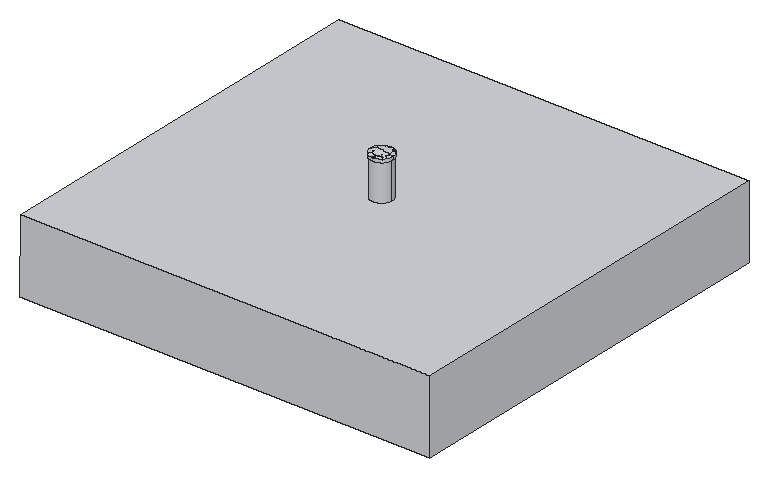
Revit family "Alcon-9150-D90-Revit-Family", category Luminarias, Revit 2025
Family settings
  Anfitrión = Cara
  Cota de conector redondo = Usar diámetro
  Tipo de pieza = Normal
  Corte con vacíos al cargar = No
  Origen de luz = Sí
  Mantener orientación de anotación = No
  Compartido = No
  Punto de cálculo de habitación = No
Parameters
  Tilt Angle = 60.00°
  built-in parameter 1010506 = 0.5236 (stored number, unit not read)
  built-in parameter 1010507 = 1.5708 (stored number, unit not read)
  Wattage = 9.2903 W
  URL = "https://www.alconlighting.com/9150-d90.html"
  built-in parameter 1150107 = 3200 (stored number, unit not read)
  TOP FINISH = none
  TAP LENS = none
  built-in parameter 1150110 = 1 (stored number, unit not read)
  built-in parameter 1150109 = 1 (stored number, unit not read)
  built-in parameter 1150112 = 1 (stored number, unit not read)
  built-in parameter 1150113 = 1 (stored number, unit not read)
  built-in parameter 1114218 = 1 (stored number, unit not read)
  Product Page = "https://www.alconlighting.com/9150-d90.html"
  Product Data URL = "https://www.alconlighting.com/9150-d90.html"
  built-in parameter 1150137 = (empty or 0)
  built-in parameter 1150132 = (empty or 0)
  Modelo = "Alcon Lighting 9150-D90"
  Longitud de símbolo de origen de luz = 10' - 0"
  Link to IES File = "https://www.alconlighting.com/9150-d90.html"
  LENS GLASS = Glass
  built-in parameter 1150105 = 4614.1 (stored number, unit not read)
  built-in parameter 1150102 = (empty or 0)
  built-in parameter 1150106 = 46.141 (stored number, unit not read)
  HOUSING = none
  GLASS LENS = Analytical Panels
  Lumens = 1380 lm
  Color Filter = 16777215
  built-in parameter 1114217 = 1 (stored number, unit not read)
  built-in parameter 1150139 = (empty or 0)
  Fabricante = "Alcon Lighting"
  Default Elevation = 4' - 0"
  built-in parameter 1150104 = 13.8 (stored number, unit not read)
  built-in parameter 1150115 = 1 (stored number, unit not read)
  built-in parameter 1150114 = 1 (stored number, unit not read)
  built-in parameter 1150138 = (empty or 0)
  built-in parameter 1150134 = 3
  Dimming Lamp Color Temperature Shift = (empty or 0)
  built-in parameter 1150133 = 10 (stored number, unit not read)
Reference planes (in)
  plane 1 "Center (Front/Back)": y = 0
  plane 2: z = 0
  plane 3 "Center (Left/Right)": x = 0
Forms (in)
  Extrusion 1, solid
    sketch origin (0, 0, 0) x (1, 0, 0) y (0, 1, 0)
      loop
        line (-33, 32.41633) -> (-33, -32.59453) -> (33.96505, -32.59453) -> (33.96505, 32.41633) -> (-33, 32.41633)
    from 0 to -12
  Extrusion 2, solid
    sketch origin (0, 0, 0) x (1, 0, 0) y (0, 1, 0)
      loop
        circle (0, 0) r 1.6875
    from 0 to 6
  Revolve 3, solid
    sketch origin (0, 0, 0) x (1, 0, 0) y (0, 0, 1)
      loop
        arc (0, 6.82421) -> (0.88527, 6.7205) -> (1.73047, 6.4375) r 4.32469
        line (1.73047, 6.4375) -> (1.23706, 6.4375) -> (1.23706, 6) -> (1.85, 6) -> (1.85, 6.4375)
        arc (1.85, 6.4375) -> (0.94905, 6.75794) -> (0, 6.875) r 4.37547
        line (0, 6.875) -> (0, 6.82421)
      axis (0, 6.875) -> (0, 6)
    angle from 0 to 360
  Extrusion 4, void
    sketch origin (0, 0, 6.4375) x (1, 0, 0) y (0, 1, 0)
      loop
        arc (-1.30815, -1.30815) -> (-0.05242, -1.84926) -> (1.23194, -1.38015) r 1.85
        line (1.23194, -1.38015) -> (-0.07411, -0.07411) -> (-1.30815, -1.30815)
      loop
        arc (1.55347, -1.00461) -> (1.81567, 0.35474) -> (1.06112, 1.51543) r 1.85
        line (1.06112, 1.51543) -> (0.03906, 0.05579) -> (1.55347, -1.00461)
    from 0 to 0.23802
  Extrusion 5, solid
    sketch origin (0, 0, 0) x (1, 0, 0) y (0, 1, 0)
      loop
        circle (0, -1.71313) r 0.1231
      loop
        circle (0, -1.71313) r 0.0621
      loop
        circle (0, 1.71313) r 0.1231
      loop
        circle (0, 1.71313) r 0.0621
      loop
        circle (1.71313, 0) r 0.1231
      loop
        circle (1.71313, 0) r 0.0621
      loop
        circle (-1.71313, 0) r 0.1231
      loop
        circle (-1.71313, 0) r 0.0621
    from 6.46603 to 6.4375
Cuts and joins
  Extrusion 4 cuts Extrusion 2
  Extrusion 4 cuts Revolve 3
Dimensions and locks (in)
  aligned and locked: plane 2 to Extrusion 1
  aligned and locked: level to Extrusion 1
